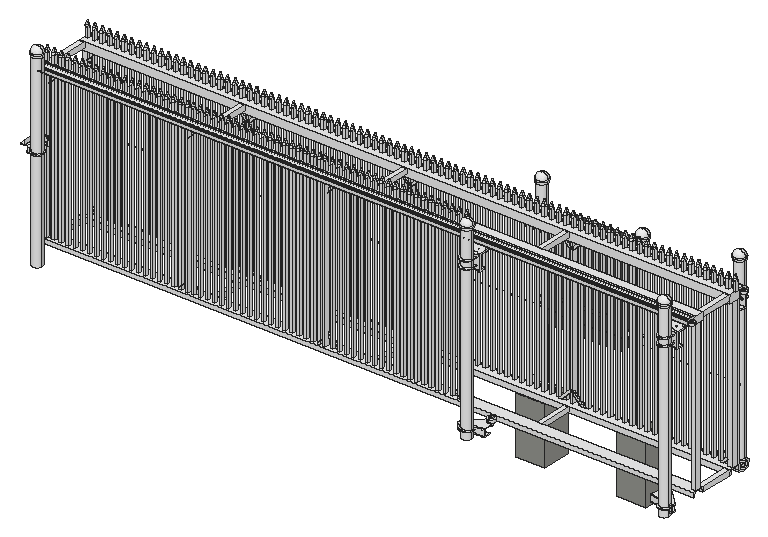
Revit family "Site-Fencing-Tymetal_Corp-Box_Frame_Cantilever_Slide_Gate-Ornamental-TYM-VS2-1", category Site, Revit 2015
Parameters (values of type "Three Phase")
  Watts = 745.7 W
  Voltage = 460 V
  URL = "http://www.tymetal.com/"
  Single Gate Clearances = if(Clear Opening < 12' 0", 12' 0", if(Clear Opening > 60' 0", 60' 0", Clear Opening))  # 15' - 0"
  Proposed Fence Location [instance] = yes
  Product data url = "https://bimobject.com/tymetal/product/tymetal-tym-vs2-1b"
  Product Page URL = "http://www.tymetal.com/industrial-commercial/gate-operator-systems/tym-vs2-1b/"
  Product Documentation Link = "http://www.tymetal.com/industrial-commercial/gate-operator-systems/tym-vs2-1b/"
  Power Factor = 0.8
  Post Spacing = (Single Gate Clearances / 2) - 0' 11"  # 6' - 7"
  Post Radius = Post Diameter / 2  # 0' - 2"
  Post Height = Gate Height Clearances + 0' 6"  # 6' - 6"
  Post Diameter = 0' - 4"  # constant formula
  Picket Top = yes
  Nominal Height = Gate Height Clearances + Picket Height  # 6' - 6"
  Front Picket Spacing = 0' - 3"
  Front Picket Panel Length = (Single Gate Clearances - (Front Picket Spacing + 0' 1")) / Front Picket Panel Count  # 4' - 10.66667"
  Front Picket Panel Count = Back Picket Panel Count - 1  # 3
  Picket Height = 0' - 6"  # constant formula
  Front Picket Count per Panel = Front Picket Panel Length / Front Picket Spacing  # 20
  Phase = 1
  Pad Note = "OPERATOR PAD DEPTH TO BE MINIMUM OF 24IN AND IN ACCORDANCE WITH ALL LOCAL CODES AND SOIL CONDITIONS."  # constant formula
  Pad Finish = Concrete - Tymetal - Cast-In-Place - Gray
  Operator Finish = Plastic - Tymetal - Polyethylene - Black
  Operator Documentation Link = "http://www.tymetal.com/wp-content/uploads/2013/05/TYM-VS2-Operator.pdf"
  Number of Poles = 3
  Notes = "Single Clear Opening up to 60' and Double Clear Openings up to 120'"  # constant formula
  Mount Clamp Extension from Gate = 0' - 2"
  Model = "Ornamental"  # constant formula
  Maximum Cycles = "Continuous Duty"  # constant formula
  Manufacturer = "Tymetal Corp."  # constant formula
  Load Classification = Power
  Length = Single Gate Clearances * 1.5  # 22' - 6"
  Height = 6' - 0"
  Hardware Finish = Metal - Tymetal - Aluminum
  Gate Weight (Max) = "2500 lbs"  # constant formula
  Gate Speed = "2 ft / sec"  # constant formula
  Gate Opening (Max) = "60 ft"  # constant formula
  Gate Height Clearances = if(Height < 6' 0", 6' 0", if(Height > 8' 0", 8' 0", Height))  # 6' - 0"
  Gate Documentation Link = "http://www.tymetal.com/wp-content/uploads/2013/05/Tymetal-Fortress-Box-Frame-Cantilever-Slide-Gate.pdf"
  Front Support Picket = Front Picket Panel Count - 1  # 2
  Frame Width = 0' - 2"
  Finish Note = "For additional powder coat color options, please contact Tymetal"  # constant formula
  Finish = Metal - Tymetal - Aluminum
  Fence Offset from Grade = 0' - 5"
  Drive Type = "#50 Chain"  # constant formula
  Description = "TYM-VS2-1B Operator on a Fortress Box Frame Cantilever Slide Gate with Ornamental Fencing"  # constant formula
  Counter Balance Length = Single Gate Clearances * 0.5  # 7' - 6"
  Connector Description = "Connection for Electrical Power"  # constant formula
  Clear Opening = 15' - 0"
  Catch Assembly Height above Grade = 3' - 6"
  Back Picket Spacing = 0' - 3"
  Back Picket Panel Length = (Length - 0' 1") / Back Picket Panel Count  # 5' - 7 1/4"
  Back Picket Panel Count = if(and(Clear Opening > 12' 0", Clear Opening < 17' 0"), 4, if(and(Clear Opening > 18' 0", Clear Opening < 23' 0"), 5, if(and(Clear Opening > 24' 0", Clear Opening < 29' 0"), 6, if(and(Clear Opening > 30' 0", Clear Opening < 35' 0"), 7, if(and(Clear Opening > 36' 0", Clear Opening < 41' 0"), 8, if(and(Clear Opening > 42' 0", Clear Opening < 47' 0"), 9, if(and(Clear Opening > 48' 0", Clear Opening < 53' 0"), 10, if(and(Clear Opening > 54' 0", Clear Opening < 60' 0"), 11, 6))))))))  # 4
  Bottom Guide Cover = no
  Between Posts = 2' - 11"  # constant formula
  Back Picket Count per Panel = Back Picket Panel Length / Back Picket Spacing  # 22
  Back Support Picket = Back Picket Panel Count - 1  # 3
  Assembly Code = "G2040100"
  Apparent Load Phase3 = Watts  # 745.7 VA
  Apparent Load Phase2 = Watts  # 745.7 VA
  Apparent Load Phase1 = Watts  # 745.7 VA
Reference planes (in)
  plane 1 "Center (Front/Back)": y = 0
  plane 2 "Bottom": z = 0
  plane 3 "Center (Left/Right)": x = 0
  plane 4 "Top": z = 72
  plane 5: z = 5
  plane 6: z = 78
  plane 7 "Center (Elevation)": z = 36
  plane 8 "Right End of Gate": x = 135
  plane 9 "End of Gate": x = -135
  plane 10: x = 47
  plane 11: x = 45
  plane 12: y = 17.5
  plane 13 "Catch Post Horizontal Center": y = -17.5
  plane 14 "Operator Post Horizontal Center": y = 19.5
  plane 15: y = -19.5
  plane 16 "Catch Post Center": x = -133
  plane 17: x = 129
  plane 18: z = 3.275
  plane 19: z = 63.8125
  plane 20: z = 42
  plane 21: y = -10.5
  plane 22: x = -134.49609
  plane 23: y = 10.5
  plane 24: x = -67.24609
  plane 25: x = -134
  plane 26: x = 67.25
  plane 27: x = 134
  plane 28: x = 134.5
  plane 29 "Front Panel Location": x = 39.75
  plane 30: x = -75.82943
  plane 31: x = -18.91667
Dimensions and locks (in)
  "Gate Height Clearances": plane 4 "Top" to plane 2 "Bottom"
  "Fence Offset from Grade": plane 5 to level
  equal spacing: plane 4 "Top", plane 7 "Center (Elevation)", plane 2 "Bottom"
  equal spacing: plane 9 "End of Gate", plane 3 "Center (Left/Right)", plane 8 "Right End of Gate"
  "Length": plane 9 "End of Gate" to plane 8 "Right End of Gate"
  equal spacing: plane 12, plane 1 "Center (Front/Back)", plane 13 "Catch Post Horizontal Center"
  "Between Posts": plane 12 to plane 13 "Catch Post Horizontal Center"
  "Post Radius": plane 15 to plane 13 "Catch Post Horizontal Center"
  "Post Radius": plane 14 "Operator Post Horizontal Center" to plane 12
  locked: plane 17 to plane 8 "Right End of Gate" at 6
  locked: plane 18 to level at 3.275
  locked: plane 4 "Top" to plane 19 at 8.1875
  "Catch Assembly Height above Grade": plane 20 to level
  locked: plane 21 to plane 15 at 9
  locked: plane 9 "End of Gate" to plane 22 at 0.50391
  locked: plane 23 to plane 1 "Center (Front/Back)" at 10.5
  "Single Gate Clearances": plane 9 "End of Gate" to plane 11
  locked: plane 9 "End of Gate" to plane 16 "Catch Post Center" at 2
  equal spacing: group 1, group 3, group 4, group 2  (x3)
  equal spacing: group 5, group 7, group 6  (x3)
  equal spacing: group 8, group 12, group 9  (x3)
  group 10 to group 11 = 4' - 8.91276"
  group 10 to group 11 = 0' - 0"  (x2)
  equal spacing: group 13, group 15, group 14  (x3)
  equal spacing: group 16, group 18, group 19, group 17  (x3)
  locked: plane 15 to nested 39 at 4
  equal spacing: group 20, group 22, group 21  (x3)
  "Picket Height": plane 6 to plane 4 "Top"
  "Back Picket Panel Length": plane 22 to plane 24
  "Front Picket Panel Length": plane 22 to plane 30
  locked: plane 22 to plane 25 at 0.49609
  "Front Picket Panel Length": plane 31 to plane 29 "Front Panel Location"
  "Back Picket Panel Length": plane 26 to plane 28
  plane 10 to plane 17 = 6' - 10"
  locked: plane 27 to plane 8 "Right End of Gate" at 1
  equal spacing: plane 27, plane 28, plane 8 "Right End of Gate"
  locked: plane 29 "Front Panel Location" to plane 10 at 7.25
  locked: plane 11 to plane 10 at 2
  aligned and locked: plane 10 to nested 1
  aligned and locked: nested 1 to plane 15
  aligned and locked: nested 2 to plane 15
  aligned and locked: plane 17 to nested 2
  aligned and locked: nested 3 to plane 14 "Operator Post Horizontal Center"
  aligned and locked: plane 17 to nested 3
  aligned and locked: nested 2 to level  (x2)
  aligned and locked: nested 1 to level
  aligned and locked: plane 14 "Operator Post Horizontal Center" to nested 7
  aligned and locked: nested 7 to plane 10
  aligned and locked: plane 10 to nested 5
  aligned and locked: plane 15 to nested 5
  aligned and locked: nested 4 to plane 15
  aligned and locked: plane 17 to nested 4
  aligned and locked: nested 6 to plane 17
  aligned and locked: nested 6 to plane 14 "Operator Post Horizontal Center"
  aligned and locked: nested 5 to plane 18
  aligned and locked: plane 18 to nested 7
  aligned and locked: plane 18 to nested 4
  aligned and locked: nested 6 to plane 18
  aligned and locked: nested 10 to plane 10
  aligned and locked: plane 14 "Operator Post Horizontal Center" to nested 10
  aligned and locked: nested 11 to plane 14 "Operator Post Horizontal Center"
  aligned and locked: nested 11 to plane 17
  aligned and locked: plane 10 to nested 8
  aligned and locked: nested 8 to plane 15
  aligned and locked: nested 9 to plane 15
  aligned and locked: plane 17 to nested 9
  aligned and locked: nested 8 to plane 19
  aligned and locked: nested 10 to plane 19
  aligned and locked: nested 9 to plane 19
  aligned and locked: nested 11 to plane 19
  aligned and locked: nested 12 to plane 21
  aligned and locked: nested 13 to level
  aligned and locked: plane 1 "Center (Front/Back)" to nested 13
  aligned and locked: nested 14 to plane 14 "Operator Post Horizontal Center"
  aligned and locked: plane 10 to nested 14
  aligned and locked: level to nested 14
  aligned and locked: nested 13 to plane 3 "Center (Left/Right)"
  aligned and locked: plane 23 to nested 15
  aligned and locked: nested 15 to plane 28
  aligned and locked: nested 15 to plane 5
  aligned and locked: nested 12 to plane 22
  aligned and locked: nested 13 to plane 9 "End of Gate"
  aligned and locked: nested 13 to plane 8 "Right End of Gate"
  aligned and locked: plane 16 "Catch Post Center" to nested 16
  aligned and locked: plane 13 "Catch Post Horizontal Center" to nested 16
  aligned and locked: nested 17 to plane 16 "Catch Post Center"
  aligned and locked: nested 17 to plane 13 "Catch Post Horizontal Center"
  aligned and locked: plane 20 to nested 17
  aligned and locked: nested 16 to level
  aligned and locked: plane 23 to nested 19
  aligned and locked: nested 18 to plane 21
  aligned and locked: nested 22 to plane 22
  aligned and locked: nested 23 to plane 22
  aligned and locked: nested 23 to nested 13
  aligned and locked: nested 22 to nested 13
  aligned and locked: plane 28 to nested 24
  aligned and locked: nested 24 to nested 13
  aligned and locked: nested 27 to plane 29 "Front Panel Location"
  aligned and locked: nested 27 to nested 13
  aligned and locked: plane 24 to nested 19
  aligned and locked: plane 30 to nested 18
  aligned and locked: nested 29 to plane 26
  aligned and locked: nested 13 to nested 29
  aligned and locked: nested 13 to nested 19
  aligned and locked: plane 31 to nested 30
  aligned and locked: nested 13 to nested 30
  aligned and locked: nested 13 to nested 18
  aligned and locked: nested 30 to plane 21
  aligned and locked: plane 23 to nested 29
  aligned and locked: nested 20 to plane 23
  aligned and locked: plane 21 to nested 21
  aligned and locked: nested 21 to plane 22
  aligned and locked: plane 23 to nested 32
  aligned and locked: plane 29 "Front Panel Location" to nested 33
  aligned and locked: nested 33 to plane 21
  aligned and locked: nested 13 to nested 33
  aligned and locked: nested 32 to nested 13
  aligned and locked: nested 36 to nested 13  (x2)
  aligned and locked: nested 34 to nested 13
  aligned and locked: nested 13 to nested 36  (x3)
  aligned and locked: level to nested 21
  aligned and locked: level to nested 23
  aligned and locked: level to nested 22
  aligned and locked: level to nested 20
  aligned and locked: level to nested 24
  aligned and locked: level to nested 36
  aligned and locked: level to nested 34
  aligned and locked: level to nested 27
  aligned and locked: plane 28 to nested 36
  aligned and locked: nested 13 to nested 34
  aligned and locked: plane 21 to nested 34
  aligned and locked: nested 36 to plane 23
  aligned and locked: nested 34 to plane 29 "Front Panel Location"
  aligned and locked: nested 20 to plane 22
  aligned and locked: plane 10 to nested 39
  aligned and locked: plane 24 to nested 40
  aligned and locked: plane 1 "Center (Front/Back)" to nested 40
  aligned and locked: level to nested 40
  aligned and locked: level to nested 41
  aligned and locked: plane 1 "Center (Front/Back)" to nested 41
  aligned and locked: nested 41 to plane 26
Nested families (in)
  nested 1: "Fence - Post" at (47, -19.5, 0), type "Fence - Post"
    with Post Height 6' - 6"
  nested 2: "Fence - Post" at (129, -19.5, 0), type "Fence - Post"
    with Post Height 6' - 6"
  nested 3: "Fence - Post" at (129, 19.5, 0), type "Fence - Post"
    with Post Height 6' - 6"
  nested 4: "Fence - Box Bottom Guide" at (129, -19.5, 3.275), type "Fence - Box Bottom Guide"
    with Guide Cover no
  nested 5: "Fence - Box Bottom Guide" at (47, -19.5, 3.275) x (-1, 0, 0) z (0, 0, 1), type "Fence - Box Bottom Guide"
    with Guide Cover no
  nested 6: "Fence - Box Bottom Guide" at (129, 19.5, 3.275), type "Fence - Box Bottom Guide"
    with Guide Cover no
  nested 7: "Fence - Box Bottom Guide" at (47, 19.5, 3.275) x (-1, 0, 0) z (0, 0, 1), type "Fence - Box Bottom Guide"
    with Guide Cover no
  nested 8: "Fence - Box Hanger with Track" at (47, -19.5, 65.3125), type "Fence - Box Hanger with Track"
  nested 9: "Fence - Box Hanger with Track" at (129, -19.5, 65.3125), type "Fence - Box Hanger with Track"
  nested 10: "Fence - Box Hanger with Track" at (47, 19.5, 65.3125) x (-1, 0, 0) z (0, 0, 1), type "Fence - Box Hanger with Track"
  nested 11: "Fence - Box Hanger with Track" at (129, 19.5, 65.3125) x (-1, 0, 0) z (0, 0, 1), type "Fence - Box Hanger with Track"
  nested 12: "Fence - Picket at Cross" at (-134.49609, -10.5, 0), type "Fence - Picket at Cross"
  nested 13: "Fence - Box Frame" at (-86, 0, 0), type "Fence - Box Frame"
    with Frame Length 22' - 6", Barb Posts 3, Frame Height 6' - 0", Drive Chain Height 2' - 6 1/4", Barb Arms and Wires no
  nested 14: "Site-Fencing-Tymetal_Corp-Gate_Operator-TYM-VS2-1" at (47, 19.5, 0), type "TYM VS2-1"
    with Post Height 6' - 6"
  nested 15: "Fence - Picket at Cross" at (134.5, 10.5, 0), type "Fence - Picket at Cross"
  nested 16: "Fence - Post" at (-133, -17.5, 0), type "Fence - Post"
    with Post Height 6' - 6"
  nested 17: "Fence - Catch Assembly" at (-133, -17.5, 42) x (-1, 0, 0) z (0, 0, 1), type "Fence - Catch Assembly"
    with Catch Location 0' - 1"
  nested 18: "Fence - Picket at Cross" at (-75.82943, -10.5, 0), type "Fence - Picket at Cross"
  nested 19: "Fence - Picket at Cross" at (-67.24609, 10.5, 0), type "Fence - Picket at Cross"
  nested 20: "Fence - Picket Panel" at (-97.99609, 11.5, 0), type "Back Picket Panel"
    with Lower Cross Picket yes, Picket Spacing 0' - 3", Picket Space Calc 0' - 3", Picket Panel Count Calc 4, Picket Count Calc 21, Picket Count 22, Picket Panel Length 5' - 7 1/4"
  nested 21: "Fence - Picket Panel" at (-97.99609, -9.5, 0), type "Front Picket Panel"
    with Lower Cross Picket yes, Picket Spacing 0' - 3", Picket Space Calc 0' - 3", Picket Panel Count Calc 3, Picket Count Calc 19, Picket Count 20, Picket Panel Length 4' - 10.66667"
  nested 22: "Fence - Ornamental Cross Brace" at (-97.99609, 10, 0), type "Back Panel"
    with Nominal Gate Height 6' - 6", Panel Length 5' - 7 1/4"
  nested 23: "Fence - Ornamental Cross Brace" at (-97.99609, -9.5, 0), type "Front Panel"
    with Nominal Gate Height 6' - 6", Panel Length 4' - 10.66667"
  nested 24: "Fence - Ornamental Cross Brace" at (103.75, 10, 0), type "Back Panel"
    with Nominal Gate Height 6' - 6", Panel Length 5' - 7 1/4"
  nested 25: "Fence - Ornamental Cross Brace" at (-30.7474, 10, 0), type "Back Panel"
    with Nominal Gate Height 6' - 6", Panel Length 5' - 7 1/4"
  nested 26: "Fence - Ornamental Cross Brace" at (36.5013, 10, 0), type "Back Panel"
    with Nominal Gate Height 6' - 6", Panel Length 5' - 7 1/4"
  nested 27: "Fence - Ornamental Cross Brace" at (17.58333, -9.5, 0), type "Front Panel"
    with Nominal Gate Height 6' - 6", Panel Length 4' - 10.66667"
  nested 28: "Fence - Ornamental Cross Brace" at (-40.20638, -9.5, 0), type "Front Panel"
    with Nominal Gate Height 6' - 6", Panel Length 4' - 10.66667"
  nested 29: "Fence - Picket at Cross" at (67.25, 10.5, 0), type "Fence - Picket at Cross"
  nested 30: "Fence - Picket at Cross" at (-18.91667, -10.5, 0), type "Fence - Picket at Cross"
  nested 31: "Fence - Picket at Cross" at (0.00195, 10.5, 0), type "Fence - Picket at Cross"
  nested 32: "Fence - Picket at Cross" at (-134.49609, 10.5, 0), type "Fence - Picket at Cross"
  nested 33: "Fence - Picket at Cross" at (39.75, -10.5, 0), type "Fence - Picket at Cross"
  nested 34: "Fence - Picket Panel" at (17.58333, -9.5, 0), type "Front Picket Panel"
    with Lower Cross Picket yes, Picket Spacing 0' - 3", Picket Space Calc 0' - 3", Picket Panel Count Calc 3, Picket Count Calc 19, Picket Count 20, Picket Panel Length 4' - 10.66667"
  nested 35: "Fence - Picket Panel" at (-40.20638, -9.5, 0), type "Front Picket Panel"
    with Lower Cross Picket yes, Picket Spacing 0' - 3", Picket Space Calc 0' - 3", Picket Panel Count Calc 3, Picket Count Calc 19, Picket Count 20, Picket Panel Length 4' - 10.66667"
  nested 36: "Fence - Picket Panel" at (103.75, 11.5, 0), type "Back Picket Panel"
    with Lower Cross Picket yes, Picket Spacing 0' - 3", Picket Space Calc 0' - 3", Picket Panel Count Calc 4, Picket Count Calc 21, Picket Count 22, Picket Panel Length 5' - 7 1/4"
  nested 37: "Fence - Picket Panel" at (-30.7474, 11.5, 0), type "Back Picket Panel"
    with Lower Cross Picket yes, Picket Spacing 0' - 3", Picket Space Calc 0' - 3", Picket Panel Count Calc 4, Picket Count Calc 21, Picket Count 22, Picket Panel Length 5' - 7 1/4"
  nested 38: "Fence - Picket Panel" at (36.5013, 11.5, 0), type "Back Picket Panel"
    with Lower Cross Picket yes, Picket Spacing 0' - 3", Picket Space Calc 0' - 3", Picket Panel Count Calc 4, Picket Count Calc 21, Picket Count 22, Picket Panel Length 5' - 7 1/4"
  nested 39: "Fence" at (98.5, -23.5, 0), type "Fence"
  nested 40: "Fence - Box Frame-Supports" at (-153.24609, 0, 0), type "Fence - Box Frame-Supports"
  nested 41: "Fence - Box Frame-Supports" at (-18.75, 0, 0), type "Fence - Box Frame-Supports"
  nested 42: "Fence - Box Frame-Supports" at (-85.99805, 0, 0), type "Fence - Box Frame-Supports"
Connectors (in)
  electrical at (67.8593, 21.3709, 29), driven by "Number of Poles", driven by "Voltage", driven by "Apparent Load Phase1", driven by "Apparent Load Phase2", driven by "Apparent Load Phase3", driven by "Power Factor", driven by "Connector Description", driven by "Load Classification"
    settings: on nested 14, index 1, voltage 460 V, apparent load 0 VA, apparent load phase1 745.7 VA, apparent load phase2 745.7 VA, apparent load phase3 745.7 VA, power factor 0.8, load classification "Power", number of poles 3, system type 31, power factor state 1, is connector primary yes, connector utility no, sub classification motor no, connector description "Connection for Electrical Power"
Definition of nested family "Fence - Post"
  Parameters
    Post Radius = Post Diameter / 2  # 0' - 2"
    Post Material = none
    Post Height = 5' - 11 1/2"
    Post Diameter = 0' - 4"
    Cap Radius = Post Radius + 0' 0 1/4"  # 0' - 2 1/4"
  Reference planes (in)
    plane 1 "Center (Front/Back)": y = 0
    plane 2: z = 0
    plane 3 "Center (Left/Right)": x = 0
    plane 4: z = 75
    plane 5 "Post Right": x = 2
    plane 6 "Post Left": x = -2
    plane 7 "Post Front": y = 2
    plane 8 "Post Back": y = -2
    plane 9: z = 71.5
    plane 10: x = -2.25
    plane 11: x = -2.49863
    plane 12: z = 75
  Forms (in)
    Revolve 1, solid, material <- "Post Material", detail levels coarse
      sketch origin (0, 0, 0) x (1, 0, 0) y (0, 0, 1)
        loop
          line (-2, 0) -> (0, 0) -> (0, 75) -> (-2, 75) -> (-2, 0)
        axis (0, 75) -> (0, 0)
      angle from 0 to 360
    Revolve 2, solid, material <- "Post Material", detail levels medium+fine
      sketch origin (0, 0, 2.5) x (1, 0, 0) y (0, 0, 1)
        loop
          line (-2, -2.5) -> (0, -2.5) -> (0, 72.5)
          arc (0, 72.5) -> (-1.59099, 71.84099) -> (-2.25, 70.25) r 2.25
          line (-2.25, 70.25) -> (-2.49863, 70.25) -> (-2.49863, 70) -> (-2.25, 70) -> (-2.25, 69) -> (-2, 69) -> (-2, -2.5)
        axis (0, 72.5) -> (0, -2.5)
      angle from 0 to 360
  Lines and regions (in)
    Masking region 1
      outline origin (0, 0, 0) x (1, 0, 0) y (0, 1, 0)
        loop
          circle (0, 0) r 2
  Dimensions and locks (in)
    "Post Height": plane 9 to plane 2
    "Post Radius": plane 3 "Center (Left/Right)" to Revolve 1 sketch curve
    equal spacing: plane 6 "Post Left", plane 3 "Center (Left/Right)", plane 5 "Post Right"
    "Post Diameter": plane 6 "Post Left" to plane 5 "Post Right"
    "Post Diameter": plane 8 "Post Back" to plane 7 "Post Front"
    equal spacing: plane 8 "Post Back", plane 1 "Center (Front/Back)", plane 7 "Post Front"
    Revolve 2 sketch curve to Revolve 2 sketch curve to Revolve 2 sketch curve = 0' - 0 1/4" locked, 0' - 1" locked
    plane 11 to plane 10 to plane 6 "Post Left" = 0' - 0.24863" locked, 0' - 0 1/4" locked
    "Post Radius": radius of Masking region 1 sketch curve
    aligned and locked: Revolve 1 sketch curve to plane 3 "Center (Left/Right)"  (x2)
    aligned and locked: Revolve 1 sketch curve to level
    aligned and locked: Revolve 2 sketch curve to plane 3 "Center (Left/Right)"  (x2)
    aligned and locked: Revolve 2 sketch curve to level
    aligned and locked: plane 3 "Center (Left/Right)" to Masking region 1 sketch curve
    aligned and locked: plane 1 "Center (Front/Back)" to Masking region 1 sketch curve
    aligned and locked: plane 9 to Revolve 2
    aligned and locked: plane 9 to Revolve 2 sketch curve
    aligned and locked: plane 6 "Post Left" to Revolve 2 sketch curve
    aligned and locked: Revolve 2 sketch curve to plane 10
    aligned and locked: plane 11 to Revolve 2 sketch curve
    aligned and locked: plane 10 to Revolve 2 sketch curve
    aligned and locked: plane 12 to plane 4
    aligned and locked: plane 12 to Revolve 2 sketch curve
  Automatic sketch dimensions
    Revolve 2 sketch curve to Revolve 2 sketch curve = 2' - 0 1/2"
    plane 4 to Revolve 2 sketch curve = 3' - 9.60702"
    Revolve 1 sketch curve to plane 4 = 0' - 0"
    Revolve 1 sketch curve to Revolve 1 sketch curve = 2' - 0"
    Revolve 1 sketch curve to Revolve 1 sketch curve = 3' - 10.10599"
Definition of nested family "Fence - Box Bottom Guide"
  Parameters
    Post Radius = Post Diameter / 2  # 0' - 2"
    Post Diameter = 0' - 4"
    Post Attachment Extension = 0' - 2"
    Outside Guide Location = 0' - 10 3/4"
    OG Calculation = if(Outside Guide Location < 0' 6 15/16", 0' 6 15/16", if(Outside Guide Location > 0' 10 3/4", 0' 10 3/4", Outside Guide Location))  # 0' - 10 3/4"
    Inside Guide Location = 0' - 1 11/16"
    IG Calculation = if(Inside Guide Location < 0' 1 11/16", 0' 1 11/16", if(Inside Guide Location > 0' 3 1/4", 0' 3 1/4", Inside Guide Location))  # 0' - 1 11/16"
    Guide Cover = yes
    Bottom Guide Material = none
  Reference planes (in)
    plane 1 "Center (Front/Back)": y = 0
    plane 2: z = 0
    plane 3 "Center (Left/Right)": x = 0
    plane 4: z = 1.5
    plane 5: z = -1.5
    plane 6: y = 7.5
  Forms (in)
    Extrusion 1, solid, material <- "Bottom Guide Material"
      sketch origin (0.008, 0.04498, 0) x (0.139173, 0.990268, 0) y (0, 0, 1)
        loop
          line (6.23383, 1.3736) -> (0.30429, 1.3736)
          arc (0.30429, 1.3736) -> (0.11466, 1.29505) -> (0.03611, 1.10542) r 0.26818
          line (0.03611, 1.10542) -> (0.03611, -1.308)
          arc (0.03611, -1.308) -> (0.11783, -1.50529) -> (0.31511, -1.587) r 0.279
          line (0.31511, -1.587) -> (3.04427, -1.587) -> (3.04427, -1.337) -> (0.27641, -1.337) -> (0.27641, 1.12219) -> (6.23383, 1.12219) -> (6.23383, 1.3736)
      from -6.72252 to 3.32001
    Extrusion 2, void
      sketch origin (0.008, 0.04498, 0) x (0.990268, -0.139173, 0) y (0.139173, 0.990268, 0)
        loop
          line (-4.40584, 6.95107) -> (3.71999, 1.2613) -> (3.71999, 6.95107) -> (-4.40584, 6.95107)
        loop
          circle (0, 0) r 2
      from -1.587 to 1.78897
  Cuts and joins
    Extrusion 2 cuts Extrusion 1
  Lines and regions (in)
    Masking region 1
      outline origin (-0.03883, -0.27629, 0) x (1, 0, 0) y (0, 1, 0)
        loop
          line (-2.40954, 6.94206) -> (-5.74538, 7.41088) -> (-6.60793, 1.27347) -> (-1.9313, 0.61622)
          arc (-1.9313, 0.61622) -> (0.32518, 2.3018) -> (2.02963, 0.05954) r 2
          line (2.02963, 0.05954) -> (3.33686, -0.12418) -> (3.54905, 1.38559) -> (-2.40954, 6.94206)
  Dimensions and locks (in)
    equal spacing: plane 4, level, plane 5
    plane 4 to plane 5 = 0' - 3"
    Extrusion 1 sketch curve to Extrusion 1 sketch curve to Extrusion 1 sketch curve to level to Extrusion 1 sketch curve to Extrusion 1 sketch curve to Extrusion 1 sketch curve = 0' - 0.25141" locked, 0' - 0.01677" locked, 0' - 1.10542" locked, 0' - 1.308" locked, 0' - 0.029" locked, 0' - 0 1/4" locked
    Extrusion 1 sketch curve to Extrusion 1 sketch curve to Extrusion 1 sketch curve to Extrusion 1 sketch curve to Extrusion 1 sketch curve to Extrusion 1 sketch curve = 0' - 3.18957" locked, 0' - 2.72915" locked, 0' - 0.01082" locked, 0' - 0.02788" locked, 0' - 0.2403" locked
    locked: plane 1 "Center (Front/Back)" to plane 6 at 7.5
    aligned and locked: plane 3 "Center (Left/Right)" to nested 2
    aligned and locked: level to nested 2
    aligned and locked: Extrusion 2 to nested 1
    aligned and locked: Extrusion 2 to Extrusion 1
  Automatic sketch dimensions
    Extrusion 2 sketch curve to plane 1 "Center (Front/Back)" = 0' - 7.54158"
    Extrusion 2 sketch curve to Extrusion 2 sketch curve = 0' - 4.40584"
    Extrusion 2 sketch curve to Extrusion 2 sketch curve = 0' - 3.71999"
    Extrusion 2 sketch curve to Extrusion 2 sketch curve = 0' - 5.68977"
    Extrusion 2 sketch curve to Extrusion 2 sketch curve = 0' - 1.2613"
    Extrusion 2 sketch curve to plane 3 "Center (Left/Right)" = 0' - 3.38756"
    Masking region 1 sketch curve to plane 1 "Center (Front/Back)" = 0' - 0.99718"
    Masking region 1 sketch curve to plane 3 "Center (Left/Right)" = 0' - 6.64676"
    Masking region 1 sketch curve to plane 3 "Center (Left/Right)" = 0' - 5.78421"
    Masking region 1 sketch curve to plane 3 "Center (Left/Right)" = 0' - 2.44837"
    Masking region 1 sketch curve to plane 1 "Center (Front/Back)" = 0' - 0.33993"
    Masking region 1 sketch curve to plane 3 "Center (Left/Right)" = 0' - 1.97013"
    Masking region 1 sketch curve to plane 1 "Center (Front/Back)" = 0' - 1.1093"
    Masking region 1 sketch curve to Masking region 1 sketch curve = 0' - 0.21218"
    plane 1 "Center (Front/Back)" to Masking region 1 sketch curve = 0' - 0.40047"
    plane 3 "Center (Left/Right)" to Masking region 1 sketch curve = 0' - 0.008"
    plane 1 "Center (Front/Back)" to Masking region 1 sketch curve = 0' - 0.21675"
    Masking region 1 sketch curve to plane 1 "Center (Front/Back)" = 0' - 0.04498"
    radius of Extrusion 2 sketch curve = 0' - 2"
  Nested families (in)
    nested 1: "Fence - Bottom Wheel" at (-5.35693, 5.99942, 2.53897) x (-1, 0, 0) z (0, 0, 1), type "Fence - Bottom Wheel"
    nested 2: "Fence - Post Bracket" at (0, 0, 0), type "Fence - Post Bracket"
      with Extension Length 0' - 2"
  Definition of nested family "Fence - Bottom Wheel"
    Parameters
      Guide Cover = yes
      Bottom Guide Material = none
    Reference planes (in)
      plane 1 "Center (Front/Back)": y = 0
      plane 2: z = 0
      plane 3 "Center (Left/Right)": x = 0
      plane 4: z = 1.5
      plane 5: z = -1.5
      plane 6: y = -1.51035
      plane 7: y = 1.51035
    Forms (in)
      Revolve 1, solid, material <- "Bottom Guide Material", detail levels medium+fine
        sketch origin (0, -12.31413, 0) x (0, 1, 0) y (0, 0, 1)
          loop
            arc (10.80379, -0.5) -> (10.87701, -0.67678) -> (11.05379, -0.75) r 0.25
            line (11.05379, -0.75) -> (11.55379, -0.75) -> (11.55379, -0.6875) -> (11.67879, -0.6875) -> (11.67879, -0.875) -> (11.88112, -0.875) -> (11.88112, -1.125) -> (12.21022, -1.125) -> (12.21022, -1.5) -> (11.67879, -1.5) -> (11.67879, -1.625) -> (11.88112, -1.625) -> (11.88112, -2.125) -> (12.31413, -2.125) -> (12.31413, 1.25) -> (11.88112, 1.25) -> (11.88112, 0.875) -> (11.67879, 0.875) -> (11.67879, 0.6875) -> (11.55379, 0.6875) -> (11.55379, 0.75) -> (11.05379, 0.75)
            arc (11.05379, 0.75) -> (10.87701, 0.67678) -> (10.80379, 0.5) r 0.25
            line (10.80379, 0.5) -> (10.80379, -0.5)
          axis (12.31413, -2.125) -> (12.31413, 1.25)
        angle from 0 to 360
      Revolve 2, solid, material <- "Bottom Guide Material", detail levels coarse
        sketch origin (0, -12.31413, 0) x (0, 1, 0) y (0, 0, 1)
          loop
            line (10.80379, -0.75) -> (11.88112, -0.75) -> (11.88112, -1.125) -> (12.21022, -1.125) -> (12.21022, -1.5) -> (11.67879, -1.5) -> (11.67879, -2.125) -> (12.31413, -2.125) -> (12.31413, 1.25) -> (11.88112, 1.25) -> (11.88112, 0.75) -> (10.80379, 0.75) -> (10.80379, -0.75)
          axis (12.31413, -2.125) -> (12.31413, 1.25)
        angle from 0 to 360
      Sweep 3, solid, material <- "Bottom Guide Material", visible <- "Guide Cover", detail levels medium+fine
        path origin (0, -12.31413, 0) x (1, 0, 0) y (0, 1, 0)
          loop
            line (-1.87363, 11.06413) -> (-1.87363, 12.31413)
            arc (-1.87363, 12.31413) -> (0, 14.18776) -> (1.87363, 12.31413) r 1.87363
            line (1.87363, 12.31413) -> (1.87363, 11.06413)
        profile origin (0, 1.87363, 0) x (0, 1, 0) y (0, 0, 1)
          loop
            line (-0.0625, -1.0625) -> (0, -1.0625) -> (0, 0.9375)
            arc (0, 0.9375) -> (-0.07322, 1.11428) -> (-0.25, 1.1875) r 0.25
            line (-0.25, 1.1875) -> (-0.36328, 1.1875) -> (-0.36328, 1.125) -> (-0.25, 1.125)
            arc (-0.25, 1.125) -> (-0.11742, 1.07008) -> (-0.0625, 0.9375) r 0.1875
            line (-0.0625, 0.9375) -> (-0.0625, -1.0625)
      Extrusion 4, solid, material <- "Bottom Guide Material", visible <- "Guide Cover", detail levels medium+fine
        sketch origin (0, -12.31413, 0) x (1, 0, 0) y (0, 1, 0)
          loop
            line (-1.51035, 11.06413) -> (1.51035, 11.06413) -> (1.51035, 12.31413)
            arc (1.51035, 12.31413) -> (0, 13.82448) -> (-1.51035, 12.31413) r 1.51035
            line (-1.51035, 12.31413) -> (-1.51035, 11.06413)
        from 1.125 to 1.1875
    Cuts and joins
      joined: Sweep 3, Extrusion 4
    Lines and regions (in)
      Masking region 1, visible <- "Guide Cover", detail levels medium+fine
        outline origin (0, 0, 0) x (1, 0, 0) y (0, 1, 0)
          loop
            line (-1.87363, 0) -> (-1.87363, -1.25) -> (1.87363, -1.25) -> (1.87363, 0)
            arc (1.87363, 0) -> (0, 1.87363) -> (-1.87363, 0) r 1.87363
      Masking region 2
        outline origin (0, 0, 0) x (1, 0, 0) y (0, 1, 0)
          loop
            circle (0, 0) r 1.51035
      Masking region 3, detail levels fine
        outline origin (0, 0, 0) x (1, 0, 0) y (0, 1, 0)
          loop
            circle (0, 0) r 0.76035
          loop
            circle (0, 0) r 0.63535
          loop
            circle (0, 0) r 0.43301
          loop
            circle (0, 0) r 0.10391
    Dimensions and locks (in)
      equal spacing: plane 4, level, plane 5
      plane 4 to plane 5 = 0' - 3"
      aligned and locked: Sweep 3 to Extrusion 4
      aligned and locked: Extrusion 4 to Sweep 3
    Automatic sketch dimensions
      Revolve 1 sketch curve to plane 6 = 0' - 0"
      Revolve 1 sketch curve to plane 5 = 0' - 0"
      Revolve 1 sketch curve to plane 1 "Center (Front/Back)" = 0' - 0"  (x2)
      Revolve 1 sketch curve to Revolve 1 sketch curve = 0' - 0 1/4"  (x3)
      Revolve 1 sketch curve to Revolve 1 sketch curve = 0' - 0 1/2"  (x3)
      Revolve 1 sketch curve to Revolve 1 sketch curve = 0' - 0 1/8"  (x4)
      plane 1 "Center (Front/Back)" to Revolve 1 sketch curve = 0' - 0.63535"
      Revolve 1 sketch curve to Revolve 1 sketch curve = 0' - 0.20233"  (x3)
      plane 1 "Center (Front/Back)" to Revolve 1 sketch curve = 0' - 0.10391"
      Revolve 1 sketch curve to plane 5 = 0' - 0 1/8"
      plane 5 to Revolve 1 sketch curve = 0' - 0 3/8"
      Revolve 1 sketch curve to Revolve 1 sketch curve = 0' - 0 1/16"  (x2)
      level to Revolve 1 sketch curve = 0' - 0 1/2"
      Revolve 1 sketch curve to plane 4 = 0' - 0 1/4"
      Revolve 1 sketch curve to Revolve 1 sketch curve = 0' - 9 7/8"
      plane 4 to Revolve 1 sketch curve = 7' - 10 1/2"
      Revolve 2 sketch curve to plane 6 = 0' - 0"
      Revolve 2 sketch curve to plane 5 = 0' - 0"
      Revolve 2 sketch curve to plane 1 "Center (Front/Back)" = 0' - 0"  (x2)
      Revolve 2 sketch curve to Revolve 2 sketch curve = 0' - 0.63535"
      Revolve 2 sketch curve to Revolve 2 sketch curve = 0' - 0.43301"
      plane 1 "Center (Front/Back)" to Revolve 2 sketch curve = 0' - 0.43301"
      plane 1 "Center (Front/Back)" to Revolve 2 sketch curve = 0' - 0.10391"
      Revolve 2 sketch curve to plane 5 = 0' - 0 5/8"
      plane 5 to Revolve 2 sketch curve = 0' - 0 3/8"
      Revolve 2 sketch curve to Revolve 2 sketch curve = 0' - 0 3/8"
      level to Revolve 2 sketch curve = 0' - 0 3/4"
      Revolve 2 sketch curve to plane 4 = 0' - 0 1/4"
      Revolve 2 sketch curve to Revolve 2 sketch curve = 0' - 9 7/8"
      plane 4 to Revolve 2 sketch curve = 7' - 10 1/2"
      plane 1 "Center (Front/Back)" to Sweep 3 sketch curve = 0' - 0"
      Sweep 3 sketch curve to plane 3 "Center (Left/Right)" = 0' - 0"
      Sweep 3 sketch curve to Sweep 3 sketch curve = 0' - 1.87363"
      plane 6 to Sweep 3 sketch curve = 0' - 0.26035"  (x2)
      Sweep 3 sketch curve to Sweep 3 sketch curve = 0' - 0"  (x2)
      Sweep 3 sketch curve to profile plane = 0' - 0"
      profile plane to Sweep 3 sketch curve = 0' - 0 1/16"
      Sweep 3 sketch curve to Sweep 3 sketch curve = 0' - 0 3/16"
      Sweep 3 sketch curve to Sweep 3 sketch curve = 0' - 0 29/256"
      Sweep 3 sketch curve to profile plane = 0' - 1 1/16"
      profile plane to Sweep 3 sketch curve = 0' - 0 15/16"
      plane 1 "Center (Front/Back)" to Extrusion 4 sketch curve = 0' - 0"
      Extrusion 4 sketch curve to plane 3 "Center (Left/Right)" = 0' - 0"
      plane 6 to Extrusion 4 sketch curve = 0' - 0.26035"
      Extrusion 4 sketch curve to plane 3 "Center (Left/Right)" = 0' - 1.51035"
      plane 1 "Center (Front/Back)" to Masking region 1 sketch curve = 0' - 0"
      Masking region 1 sketch curve to plane 3 "Center (Left/Right)" = 0' - 0"
      Masking region 1 sketch curve to Masking region 1 sketch curve = 0' - 1.87363"
      plane 6 to Masking region 1 sketch curve = 0' - 0.26035"
      Masking region 2 sketch curve to Masking region 2 sketch curve = 0' - 0"  (x2)
      Masking region 2 sketch curve to plane 3 "Center (Left/Right)" = 0' - 0"
      Masking region 2 sketch curve to plane 6 = 0' - 0"
      plane 1 "Center (Front/Back)" to Masking region 2 sketch curve = 0' - 0"
      Masking region 3 sketch curve to Masking region 3 sketch curve = 0' - 0"  (x6)
      plane 1 "Center (Front/Back)" to Masking region 3 sketch curve = 0' - 0"
      Masking region 3 sketch curve to plane 3 "Center (Left/Right)" = 0' - 0"
      Masking region 3 sketch curve to Masking region 3 sketch curve = 0' - 0.63535"
      Masking region 3 sketch curve to Masking region 3 sketch curve = 0' - 0 1/8"
      Masking region 3 sketch curve to Masking region 3 sketch curve = 0' - 0.20233"
      Masking region 3 sketch curve to Masking region 3 sketch curve = 0' - 0.10391"
  Definition of nested family "Fence - Post Bracket"
    Parameters
      Extension Length = 0' - 3"
      Bottom Guide Material = none
    Reference planes (in)
      plane 1 "Center (Front/Back)": y = 0
      plane 2: z = 0
      plane 3 "Center (Left/Right)": x = 0
    Forms (in)
      Sweep 1, solid, material <- "Bottom Guide Material", detail levels medium+fine
        path origin (0, 0, 0) x (1, 0, 0) y (0, 1, 0)
          loop
            line (-2.5, 3) -> (-2.5, 0)
            arc (-2.5, 0) -> (0, -2.5) -> (2.5, 0) r 2.5
            line (2.5, 0) -> (2.5, 3)
        profile origin (0, -2.5, 0) x (0, 1, 0) y (0, 0, 1)
          loop
            circle (0.25, 0) r 0.25
    Lines and regions (in)
      Masking region 1, detail levels medium+fine
        outline origin (0, 0, 0) x (1, 0, 0) y (0, 1, 0)
          loop
            line (-2.5, 3) -> (-2.5, 0)
            arc (-2.5, 0) -> (0, -2.5) -> (2.5, 0) r 2.5
            line (2.5, 0) -> (2.5, 3) -> (2, 3) -> (2, 0)
            arc (2, 0) -> (0, -2) -> (-2, 0) r 2
            line (-2, 0) -> (-2, 3) -> (-2.5, 3)
    Dimensions and locks (in)
      "Extension Length": plane 1 "Center (Front/Back)" to Sweep 1 sketch curve  (x2)
      locked: Masking region 1 sketch curve to Masking region 1 sketch curve at 0.5  (x2)
      aligned and locked: Masking region 1 sketch curve to Sweep 1  (x2)
    Automatic sketch dimensions
      Sweep 1 sketch curve to level = 0' - 0"
      Sweep 1 sketch curve to profile plane = 0' - 0 1/4"
      Masking region 1 sketch curve to Masking region 1 sketch curve = 0' - 0"
      plane 1 "Center (Front/Back)" to Masking region 1 sketch curve = 0' - 0"
      Masking region 1 sketch curve to plane 3 "Center (Left/Right)" = 0' - 0"
      Masking region 1 sketch curve to plane 3 "Center (Left/Right)" = 0' - 2"
      plane 1 "Center (Front/Back)" to Sweep 1 sketch curve = 0' - 0"
      Sweep 1 sketch curve to plane 3 "Center (Left/Right)" = 0' - 0"
      Sweep 1 sketch curve to plane 3 "Center (Left/Right)" = 0' - 2 1/2"
      radius of Sweep 1 sketch curve = 0' - 0 1/4"
Definition of nested family "Fence - Box Hanger with Track"
  Parameters
    Roller Height = 0' - 3 1/4"
    Right Track = yes
    Post Radius = Post Diameter / 2  # 0' - 2"
    Post Diameter = 0' - 4"
    Post Attachment Extension = 0' - 2"
    Left Track = not(Right Track)  # no
    Hanger Material = none
  Reference planes (in)
    plane 1 "Center (Front/Back)": y = 0
    plane 2: z = 0
    plane 3 "Center (Left/Right)": x = 0
    plane 4: z = 6.3125
    plane 5: z = -1.5
  Dimensions and locks (in)
    "Post Radius": plane 1 "Center (Front/Back)" to nested 2
    locked: level to plane 5 at 1.5
    aligned and locked: plane 3 "Center (Left/Right)" to nested 1
    aligned and locked: plane 3 "Center (Left/Right)" to nested 2
    aligned and locked: nested 4 to nested 2
    aligned and locked: nested 4 to nested 3
  Nested families (in)
    nested 1: "Fence - Post Bracket" at (0, -0.1875, -1.5), type "Fence - Post Bracket"
      with Extension Length 0' - 2"
    nested 2: "Fence - Box Hanger Plate" at (0, 1.62395, 0), type "Fence - Box Hanger Plate"
    nested 3: "Fence - Track Roller" at (-3.3125, 5.99794, 3.1875), type "Fence - Track Roller"
    nested 4: "Fence - Track Roller" at (3.3125, 5.99794, 3.1875) x (-1, 0, 0) z (0, 0, 1), type "Fence - Track Roller"
    nested 5: "Fence - Post Bracket" at (0, -0.1875, 1.5), type "Fence - Post Bracket"
      with Extension Length 0' - 2"
  Definition of nested family "Fence - Post Bracket"
    Parameters
      Extension Length = 0' - 3"
      Bottom Guide Material = none
    Reference planes (in)
      plane 1 "Center (Front/Back)": y = 0
      plane 2: z = 0
      plane 3 "Center (Left/Right)": x = 0
    Forms (in)
      Sweep 1, solid, material <- "Bottom Guide Material", detail levels medium+fine
        path origin (0, 0, 0) x (1, 0, 0) y (0, 1, 0)
          loop
            line (-2.5, 3) -> (-2.5, 0)
            arc (-2.5, 0) -> (0, -2.5) -> (2.5, 0) r 2.5
            line (2.5, 0) -> (2.5, 3)
        profile origin (0, -2.5, 0) x (0, 1, 0) y (0, 0, 1)
          loop
            circle (0.25, 0) r 0.25
    Lines and regions (in)
      Masking region 1, detail levels medium+fine
        outline origin (0, 0, 0) x (1, 0, 0) y (0, 1, 0)
          loop
            line (-2.5, 3) -> (-2.5, 0)
            arc (-2.5, 0) -> (0, -2.5) -> (2.5, 0) r 2.5
            line (2.5, 0) -> (2.5, 3) -> (2, 3) -> (2, 0)
            arc (2, 0) -> (0, -2) -> (-2, 0) r 2
            line (-2, 0) -> (-2, 3) -> (-2.5, 3)
    Dimensions and locks (in)
      "Extension Length": plane 1 "Center (Front/Back)" to Sweep 1 sketch curve  (x2)
      locked: Masking region 1 sketch curve to Masking region 1 sketch curve at 0.5  (x2)
      aligned and locked: Masking region 1 sketch curve to Sweep 1  (x2)
    Automatic sketch dimensions
      Sweep 1 sketch curve to level = 0' - 0"
      Sweep 1 sketch curve to profile plane = 0' - 0 1/4"
      Masking region 1 sketch curve to Masking region 1 sketch curve = 0' - 0"
      plane 1 "Center (Front/Back)" to Masking region 1 sketch curve = 0' - 0"
      Masking region 1 sketch curve to plane 3 "Center (Left/Right)" = 0' - 0"
      Masking region 1 sketch curve to plane 3 "Center (Left/Right)" = 0' - 2"
      plane 1 "Center (Front/Back)" to Sweep 1 sketch curve = 0' - 0"
      Sweep 1 sketch curve to plane 3 "Center (Left/Right)" = 0' - 0"
      Sweep 1 sketch curve to plane 3 "Center (Left/Right)" = 0' - 2 1/2"
      radius of Sweep 1 sketch curve = 0' - 0 1/4"
  Definition of nested family "Fence - Box Hanger Plate"
    Parameters
      Hanger Material = none
    Reference planes (in)
      plane 1 "Center (Front/Back)": y = 0
      plane 2: z = 0
      plane 3 "Center (Left/Right)": x = 0
      plane 4: y = 0.37605
      plane 5: x = -3.3125
      plane 6: y = 3.9375
      plane 7: x = 3.3125
    Forms (in)
      Extrusion 1, solid, material <- "Hanger Material"
        sketch origin (0, 0, 0) x (0, 1, 0) y (0, 0, 1)
          loop
            arc (0.41542, 3.25406) -> (0.12242, 3.13269) -> (0.00105, 2.83969) r 0.41437
            line (0.00105, 2.83969) -> (0.00105, -2.83157)
            arc (0.00105, -2.83157) -> (0.12242, -3.12457) -> (0.41542, -3.24594) r 0.41437
            line (0.41542, -3.24594) -> (2.2293, -3.24594) -> (2.2293, -2.87094) -> (0.41542, -2.87094)
            arc (0.41542, -2.87094) -> (0.38758, -2.85941) -> (0.37605, -2.83157) r 0.03937
            line (0.37605, -2.83157) -> (0.37605, 2.83969)
            arc (0.37605, 2.83969) -> (0.38758, 2.86753) -> (0.41542, 2.87906) r 0.03937
            line (0.41542, 2.87906) -> (3.81455, 2.87906) -> (3.81455, 3.25406) -> (0.41542, 3.25406)
        from -4 to 4
      Extrusion 2, void
        sketch origin (0, -1.3125, 0) x (1, 0, 0) y (0, 1, 0)
          loop
            line (-1.3125, 1.25105) -> (1.3125, 1.25105) -> (1.3125, 1.75)
            arc (1.3125, 1.75) -> (1.23928, 1.92678) -> (1.0625, 2) r 0.25
            line (1.0625, 2) -> (-1.0625, 2)
            arc (-1.0625, 2) -> (-1.23928, 1.92678) -> (-1.3125, 1.75) r 0.25
            line (-1.3125, 1.75) -> (-1.3125, 1.25105)
        from -3.24594 to 3.25406
      Extrusion 3, solid, material <- "Hanger Material"
        sketch origin (0, 0.4375, 0) x (1, 0, 0) y (0, 1, 0)
          loop
            line (4, 3.37705) -> (4, 3.9375)
            arc (4, 3.9375) -> (3.79864, 4.42364) -> (3.3125, 4.625) r 0.6875
            line (3.3125, 4.625) -> (-3.3125, 4.625)
            arc (-3.3125, 4.625) -> (-3.79864, 4.42364) -> (-4, 3.9375) r 0.6875
            line (-4, 3.9375) -> (-4, 3.37705) -> (4, 3.37705)
        from 2.87906 to 3.25406
      Extrusion 4, solid, material <- "Hanger Material"
        sketch origin (0, 0, 0) x (1, 0, 0) y (0, 1, 0)
          loop
            arc (-3.5, 2.875) -> (-3.85355, 2.72855) -> (-4, 2.375) r 0.5
            line (-4, 2.375) -> (-4, 2.2293) -> (4, 2.2293) -> (4, 2.375)
            arc (4, 2.375) -> (3.85355, 2.72855) -> (3.5, 2.875) r 0.5
            line (3.5, 2.875) -> (-3.5, 2.875)
        from -3.24594 to -2.87094
      Sweep 5, solid, material <- "Hanger Material", detail levels fine
        path origin (-2.63501, 0.79388, 1.47707) x (0.464166, 0.563047, -0.683761) y (0.368983, 0.578872, 0.727158)
          loop
            line (1.11219, -1.78253) -> (1.11219, 2.96747)
        profile origin (-1.90016, 1.76306, 1.14741) x (-0.464166, -0.563047, 0.683761) y (0.805234, -0.589818, 0.060938)
          loop
            circle (0, 0) r 0.25
      Sweep 6, solid, material <- "Hanger Material", detail levels fine
        path origin (2.63501, 0.8095, 1.47707) x (-0.464166, 0.563047, -0.683761) y (0.368983, -0.578872, -0.727158)
          loop
            line (1.09193, 1.79654) -> (1.09193, -2.95346)
        profile origin (1.91473, 1.75917, 1.15108) x (-0.464166, 0.563047, -0.683761) y (-0.805234, -0.589818, 0.060938)
          loop
            circle (0, 0) r 0.25
    Cuts and joins
      Extrusion 2 cuts Extrusion 1
      joined: Extrusion 1, Extrusion 3, Extrusion 4
    Lines and regions (in)
      Masking region 1, detail levels coarse
        outline origin (0, 0, 0) x (1, 0, 0) y (0, 1, 0)
          loop
            line (-4, 4.625) -> (-4, 1.50105) -> (-1.3125, 1.50105) -> (-1.3125, 2) -> (1.3125, 2) -> (1.3125, 1.50105) -> (4, 1.50105) -> (4, 4.625) -> (-4, 4.625)
      Masking region 2, detail levels medium+fine
        outline origin (0, 0.4375, 0) x (1, 0, 0) y (0, 1, 0)
          loop
            line (-4, 3.9375) -> (-4, -0.4375) -> (-1.3125, -0.4375) -> (-1.3125, 0)
            arc (-1.3125, 0) -> (-1.23928, 0.17678) -> (-1.0625, 0.25) r 0.25
            line (-1.0625, 0.25) -> (1.0625, 0.25)
            arc (1.0625, 0.25) -> (1.23928, 0.17678) -> (1.3125, 0) r 0.25
            line (1.3125, 0) -> (1.3125, -0.4375) -> (4, -0.4375) -> (4, 3.9375)
            arc (4, 3.9375) -> (3.79864, 4.42364) -> (3.3125, 4.625) r 0.6875
            line (3.3125, 4.625) -> (-3.3125, 4.625)
            arc (-3.3125, 4.625) -> (-3.79864, 4.42364) -> (-4, 3.9375) r 0.6875
    Dimensions and locks (in)
      locked: cut or joined group of Extrusion 1, Extrusion 2, Extrusion 3, Extrusion 4 to cut or joined group of Extrusion 1, Extrusion 2, Extrusion 3, Extrusion 4 at 8
      aligned and locked: cut or joined group of Extrusion 1, Extrusion 2, Extrusion 3, Extrusion 4 to cut or joined group of Extrusion 1, Extrusion 2, Extrusion 3, Extrusion 4  (x2)
      aligned and locked: Masking region 2 to cut or joined group of Extrusion 1, Extrusion 2, Extrusion 3, Extrusion 4
  Definition of nested family "Fence - Track Roller"
    Parameters
      Track Roller Material = none
      Track Height = 0' - 4"
    Reference planes (in)
      plane 1 "Center (Front/Back)": y = 0
      plane 2: z = 0
      plane 3 "Center (Left/Right)": x = 0
      plane 4: x = -4.42187
      plane 5: x = 4.42188
      plane 6: z = 2.5
      plane 7: y = 0.40625
      plane 8: y = -0.40625
      plane 9: z = 4
      plane 10: z = 2.375
      plane 11: y = 1.09674
      plane 12: y = -1.09674
      plane 13: y = 0.59674
      plane 14: y = -0.59674
      plane 15: z = 3.1875
      plane 16: x = -1.4375
      plane 17: x = 1.42187
      plane 18: z = -0.75
      plane 19: z = -0.1875
      plane 20: z = 0.1875
    Forms (in)
      Extrusion 1, solid, material <- "Track Roller Material"
        sketch origin (0, 0, 0) x (1, 0, 0) y (0, 0, 1)
          loop
            line (-3.73437, 2.5) -> (3.73438, 2.5) -> (3.73438, 2.75) -> (-3.73437, 2.75) -> (-3.73437, 2.5)
        from -0.40625 to 0.40625
      Extrusion 2, solid, material <- "Track Roller Material"
        sketch origin (0, 0, 0) x (1, 0, 0) y (0, 0, 1)
          loop
            line (-2.04089, 3.25) -> (-2.04089, 2.75) -> (2.04089, 2.75) -> (2.04089, 3.25) -> (-2.04089, 3.25)
        from -0.5 to 0.5
      Revolve 3, solid, material <- "Track Roller Material"
        sketch origin (0, 0, 0) x (1, 0, 0) y (0, 0, 1)
          loop
            line (-4.42188, 2.8125) -> (-3.26263, 2.8125) -> (-3.26263, 3.625) -> (-3.51263, 3.625) -> (-3.51263, 3.375) -> (-3.63763, 3.375) -> (-3.63763, 3.3125) -> (-4.42188, 3.3125) -> (-4.42188, 2.8125)
          axis (-3.26263, 3.625) -> (-3.26263, 2.8125)
        angle from 0 to 360
      Revolve 4, solid, material <- "Track Roller Material"
        sketch origin (0, 0, 0) x (-1, 0, 0) y (0, 0, 1)
          loop
            line (-4.42188, 2.8125) -> (-3.26263, 2.8125) -> (-3.26263, 3.625) -> (-3.51263, 3.625) -> (-3.51263, 3.375) -> (-3.63763, 3.375) -> (-3.63763, 3.3125) -> (-4.42188, 3.3125) -> (-4.42188, 2.8125)
          axis (-3.26263, 3.625) -> (-3.26263, 2.8125)
        angle from 0 to 360
      Revolve 5, solid, material <- "Track Roller Material"
        sketch origin (-1.4375, -180, 11.2214) x (0, 0, 1) y (0, -1, 0)
          loop
            line (-7.2214, -181.09674) -> (-7.2214, -180.59674) -> (-8.0339, -180.59674) -> (-8.0339, -181.09674) -> (-7.2214, -181.09674)
          axis (-8.0339, -181.09674) -> (-8.0339, -180.59674)
        angle from 0 to 360
      Revolve 6, solid, material <- "Track Roller Material"
        sketch origin (-1.4375, -180, 11.2214) x (0, 0, 1) y (0, -1, 0)
          loop
            line (-7.2214, -179.40326) -> (-7.2214, -178.90326) -> (-8.0339, -178.90326) -> (-8.0339, -179.40326) -> (-7.2214, -179.40326)
          axis (-8.0339, -179.40326) -> (-8.0339, -178.90326)
        angle from 0 to 360
      Revolve 7, solid, material <- "Track Roller Material"
        sketch origin (1.42187, -180, 11.2214) x (0, 0, 1) y (0, -1, 0)
          loop
            line (-7.2214, -181.09674) -> (-7.2214, -180.59674) -> (-8.0339, -180.59674) -> (-8.0339, -181.09674) -> (-7.2214, -181.09674)
          axis (-8.0339, -181.09674) -> (-8.0339, -180.59674)
        angle from 0 to 360
      Revolve 8, solid, material <- "Track Roller Material"
        sketch origin (1.42187, -180, 11.2214) x (0, 0, 1) y (0, -1, 0)
          loop
            line (-7.2214, -179.40326) -> (-7.2214, -178.90326) -> (-8.0339, -178.90326) -> (-8.0339, -179.40326) -> (-7.2214, -179.40326)
          axis (-8.0339, -179.40326) -> (-8.0339, -178.90326)
        angle from 0 to 360
      Extrusion 9, solid, material <- "Track Roller Material"
        sketch origin (0, 0, 0) x (1, 0, 0) y (0, 1, 0)
          loop
            circle (0, 0) r 0.375
        from -0.75 to 2.5
      Extrusion 10, solid, material <- "Track Roller Material"
        sketch origin (0, 0, 0) x (1, 0, 0) y (0, 1, 0)
          loop
            line (-0.625, 0.84674) -> (-0.625, 0.5) -> (0.625, 0.5) -> (0.625, 0.84674) -> (-0.625, 0.84674)
          loop
            line (-0.625, -0.84674) -> (0.625, -0.84674) -> (0.625, -0.5) -> (-0.625, -0.5) -> (-0.625, -0.84674)
        from 2.5 to 3.25
    Dimensions and locks (in)
      equal spacing: plane 4, plane 3 "Center (Left/Right)", plane 5
      locked: plane 4 to plane 5 at 8.84375
      "Track Height": plane 9 to level
      locked: Extrusion 1 sketch curve to plane 4 at 0.6875
      locked: plane 5 to Extrusion 1 sketch curve at 0.6875
      equal spacing: plane 7, plane 1 "Center (Front/Back)", plane 8
      locked: plane 7 to plane 8 at 0.8125
      locked: Extrusion 2 sketch curve to plane 4 at 2.38099
      locked: Extrusion 2 sketch curve to plane 6 at 0.75
      locked: Extrusion 1 sketch curve to plane 6 at 0.25
      Extrusion 2 to plane 1 "Center (Front/Back)" to Extrusion 2 = 0' - 0 1/2" locked, 0' - 0 1/2" locked
      locked: Revolve 3 sketch curve to plane 4 at 1.15924
      Revolve 3 sketch curve to Revolve 3 sketch curve to Revolve 3 sketch curve to Revolve 3 sketch curve to plane 6 = 0' - 0 1/4" locked, 0' - 0 1/16" locked, 0' - 0 1/2" locked, 0' - 0 5/16" locked
      locked: plane 5 to Extrusion 2 sketch curve at 2.38099
      Revolve 4 sketch curve to Revolve 4 sketch curve to Revolve 4 sketch curve to Revolve 4 sketch curve to plane 6 = 0' - 0 1/4" locked, 0' - 0 1/16" locked, 0' - 0 1/2" locked, 0' - 0 5/16" locked
      locked: plane 5 to Revolve 4 sketch curve at 1.15924
      locked: plane 16 to plane 4 at 2.98438
      locked: plane 17 to plane 5 at 3
      locked: plane 18 to plane 2 at 0.75
      plane 20 to level to plane 19 = 0' - 0 3/16" locked, 0' - 0 3/16" locked
      equal spacing: Extrusion 10 sketch curve, plane 3 "Center (Left/Right)", Extrusion 10 sketch curve  (x2)
      locked: Extrusion 10 sketch curve to Extrusion 10 sketch curve at 1.25  (x2)
      equal spacing: plane 13, Extrusion 10 sketch curve, plane 11
      locked: Extrusion 10 sketch curve to Extrusion 10 sketch curve at 0.34674  (x2)
      equal spacing: plane 9, plane 15, plane 10
      locked: plane 9 to plane 10 at 1.625
      locked: plane 6 to plane 10 at 0.125
      aligned and locked: Extrusion 1 sketch curve to plane 6
      aligned and locked: plane 7 to Extrusion 1
      aligned and locked: Extrusion 1 to plane 8
      aligned and locked: Extrusion 2 sketch curve to Extrusion 1
      aligned and locked: Revolve 5 sketch curve to plane 15
      aligned and locked: plane 11 to Revolve 5 sketch curve
      aligned and locked: plane 13 to Revolve 5 sketch curve
      aligned and locked: plane 9 to Revolve 5 sketch curve
      aligned and locked: plane 15 to Revolve 5 sketch curve
      aligned and locked: plane 14 to Revolve 6 sketch curve
      aligned and locked: plane 9 to Revolve 6 sketch curve
      aligned and locked: plane 12 to Revolve 6 sketch curve
      aligned and locked: plane 15 to Revolve 6 sketch curve
      aligned and locked: Revolve 6 sketch curve to plane 15
      aligned and locked: plane 6 to Extrusion 9
      aligned and locked: Extrusion 9 to plane 18
      aligned and locked: Extrusion 10 to plane 6
      aligned and locked: Extrusion 2 to Extrusion 10
    Automatic sketch dimensions
      Revolve 3 sketch curve to plane 4 = 0' - 0"
      plane 4 to Revolve 3 sketch curve = 0' - 0.78424"
      Revolve 3 sketch curve to Revolve 3 sketch curve = 0' - 0 1/8"
      Revolve 3 sketch curve to Revolve 3 sketch curve = 0' - 0 1/4"
      Revolve 3 sketch curve to plane 10 = 0' - 1.57152"
      plane 9 to Revolve 3 sketch curve = 0' - 1.16026"
      Revolve 4 sketch curve to plane 5 = 0' - 0"
      plane 5 to Revolve 4 sketch curve = 0' - 0.78424"
      Revolve 4 sketch curve to Revolve 4 sketch curve = 0' - 0 1/8"
      Revolve 4 sketch curve to Revolve 4 sketch curve = 0' - 0 1/4"
      plane 10 to Revolve 4 sketch curve = 0' - 1.57152"
      Revolve 4 sketch curve to plane 9 = 0' - 1.16026"
      Revolve 5 sketch curve to plane 11 = 0' - 2.87236"
      Revolve 5 sketch curve to plane 12 = 0' - 2.2029"
      Revolve 6 sketch curve to plane 11 = 0' - 2.87236"
      Revolve 6 sketch curve to Revolve 6 sketch curve = 0' - 2.2029"
      Revolve 7 sketch curve to plane 15 = 0' - 0"  (x2)
      Revolve 7 sketch curve to plane 11 = 0' - 0"
      Revolve 7 sketch curve to plane 9 = 0' - 0"
      Revolve 7 sketch curve to plane 13 = 0' - 0"
      plane 11 to Revolve 7 sketch curve = 0' - 2.87236"
      plane 12 to Revolve 7 sketch curve = 0' - 2.2029"
      Revolve 8 sketch curve to plane 12 = 0' - 0"
      Revolve 8 sketch curve to plane 15 = 0' - 0"  (x2)
      Revolve 8 sketch curve to plane 9 = 0' - 0"
      Revolve 8 sketch curve to plane 14 = 0' - 0"
      plane 11 to Revolve 8 sketch curve = 0' - 2.87236"
      Revolve 8 sketch curve to Revolve 8 sketch curve = 0' - 2.2029"
      plane 1 "Center (Front/Back)" to Extrusion 9 sketch curve = 0' - 0"
      Extrusion 9 sketch curve to plane 3 "Center (Left/Right)" = 0' - 0"
      Extrusion 10 sketch curve to plane 8 = 0' - 0 3/32"
      radius of Extrusion 9 sketch curve = 0' - 0 3/8"
Definition of nested family "Fence - Picket at Cross"
  Parameters
    Show Picket Top = yes
    Picket Width = 0' - 1"
    Picket Material = none
    Picket Length = 0' - 1"
    Picket Height Above Grade = 0' - 5"
    Picket Height = 0' - 6"
    Picket Cap Height = 0' 2 5/16" + 0' 0 15/256"  # 0' - 2 95/256"
    Nominal Gate Height = 8' - 0"
    Frame Height = 0' - 2"
  Reference planes (in)
    plane 1 "Center (Front/Back)": y = 0
    plane 2: z = 0
    plane 3 "Center (Left/Right)": x = 0
    plane 4: x = -0.5
    plane 5: x = 0.5
    plane 6: y = 0.5
    plane 7: y = -0.5
    plane 8: z = 93.62891
    plane 9: z = 96
    plane 10: z = 5
    plane 11: z = 90
    plane 12: z = 94.64844
    plane 13: y = 1
    plane 14: y = -1
    plane 15: z = 7
    plane 16: z = 48
    plane 17: z = 88
  Forms (in)
    Extrusion 1, solid, material <- "Picket Material", visible <- "Show Picket Top", detail levels medium+fine
      sketch origin (0, 0, 0) x (1, 0, 0) y (0, 1, 0)
        loop
          line (-0.5, 0.5) -> (-0.5, -0.5) -> (0.5, -0.5) -> (0.5, 0.5) -> (-0.5, 0.5)
      from 90 to 93.62891
    Extrusion 2, solid, material <- "Picket Material", visible <- "Show Picket Top", detail levels coarse
      sketch origin (0, 0, 0) x (1, 0, 0) y (0, 1, 0)
        loop
          line (-0.5, 0.5) -> (-0.5, -0.5) -> (0.5, -0.5) -> (0.5, 0.5) -> (-0.5, 0.5)
      from 90 to 96
    Blend 3, solid, material <- "Picket Material", visible <- "Show Picket Top", detail levels medium+fine
      base sketch origin (0, 0, 0) x (1, 0, 0) y (0, 1, 0)
        loop
          line (-0.5, 0.5) -> (-0.5, -0.5) -> (0.5, -0.5) -> (0.5, 0.5) -> (-0.5, 0.5)
      top sketch origin (0, 0, 0) x (1, 0, 0) y (0, 1, 0)
        loop
          line (-0.5, 0.0625) -> (-0.5, -0.0625) -> (0.5, -0.0625) -> (0.5, 0.0625) -> (-0.5, 0.0625)
      from 93.62891 to 94.64844
    Extrusion 4, solid, material <- "Picket Material", visible <- "Show Picket Top", detail levels medium+fine
      sketch origin (0, 0, 0) x (1, 0, 0) y (0, 0, 1)
        loop
          arc (-0.54498, 93.72498) -> (-0.5118, 93.68197) -> (-0.5, 93.62895) r 0.125
          line (-0.5, 93.62895) -> (0.5, 93.62895)
          arc (0.5, 93.62895) -> (0.5118, 93.68197) -> (0.54498, 93.72498) r 0.125
          line (0.54498, 93.72498) -> (0.875, 94) -> (0.11626, 95.92092)
          arc (0.11626, 95.92092) -> (0, 96) -> (-0.11626, 95.92092) r 0.125
          line (-0.11626, 95.92092) -> (-0.875, 94) -> (-0.54498, 93.72498)
      from -0.125 to 0.125
    Extrusion 5, solid, material <- "Picket Material"
      sketch origin (0, 0, 0) x (1, 0, 0) y (0, 1, 0)
        loop
          line (-0.5, 1) -> (-0.5, -1) -> (0.5, -1) -> (0.5, 1) -> (-0.5, 1)
      from 7 to 88
  Cuts and joins
    joined: Extrusion 1, Blend 3, Extrusion 4
  Lines and regions (in)
    Masking region 1
      outline origin (0, 0, 0) x (1, 0, 0) y (0, 1, 0)
        loop
          line (-0.5, 0.5) -> (-0.5, -0.5) -> (0.5, -0.5) -> (0.5, 0.5) -> (-0.5, 0.5)
  Dimensions and locks (in)
    equal spacing: plane 4, plane 3 "Center (Left/Right)", plane 5
    "Picket Length": plane 4 to plane 5
    equal spacing: plane 6, plane 1 "Center (Front/Back)", plane 7
    "Picket Width": plane 6 to plane 7
    "Picket Cap Height": plane 9 to plane 8
    "Nominal Gate Height": plane 9 to level
    equal spacing: Blend 3 sketch curve, plane 1 "Center (Front/Back)", Blend 3 sketch curve
    locked: plane 1 "Center (Front/Back)" to Blend 3 sketch curve at 0.0625
    "Picket Height Above Grade": plane 10 to level
    "Picket Height": plane 9 to plane 11
    equal spacing: Blend 3 sketch curve, plane 3 "Center (Left/Right)", Blend 3 sketch curve
    locked: plane 12 to plane 8 at 1.01953
    equal spacing: Extrusion 4, plane 1 "Center (Front/Back)", Extrusion 4
    locked: Extrusion 4 to plane 1 "Center (Front/Back)" at 0.125
    equal spacing: plane 13, plane 1 "Center (Front/Back)", plane 14
    locked: plane 13 to plane 14 at 2
    locked: plane 15 to plane 10 at 2
    "Frame Height": plane 11 to plane 17
    equal spacing: plane 9, plane 16, level
    aligned and locked: Extrusion 1 sketch curve to plane 6
    aligned and locked: plane 4 to Extrusion 1 sketch curve
    aligned and locked: plane 7 to Extrusion 1 sketch curve
    aligned and locked: Extrusion 1 sketch curve to plane 5
    aligned and locked: plane 8 to Extrusion 1
    aligned and locked: Extrusion 2 sketch curve to Extrusion 1  (x4)
    aligned and locked: plane 9 to Extrusion 2
    aligned and locked: Masking region 1 sketch curve to Extrusion 1  (x4)
    aligned and locked: Blend 3 sketch curve to plane 6
    aligned and locked: plane 7 to Blend 3 sketch curve
    aligned and locked: Blend 3 to plane 8
    aligned and locked: plane 4 to Blend 3 sketch curve  (x2)
    aligned and locked: Blend 3 sketch curve to plane 5
    aligned and locked: plane 12 to Blend 3
    aligned and locked: Extrusion 1 to plane 11
    aligned and locked: Extrusion 2 to plane 11
    aligned and locked: Extrusion 5 sketch curve to plane 13
    aligned and locked: plane 4 to Extrusion 5 sketch curve
    aligned and locked: plane 14 to Extrusion 5 sketch curve
    aligned and locked: Extrusion 5 sketch curve to plane 5
    aligned and locked: Extrusion 5 to plane 15
    aligned and locked: plane 17 to Extrusion 5
    aligned and locked: Extrusion 5 to plane 17
  Automatic sketch dimensions
    Extrusion 4 sketch curve to plane 4 = 0' - 0"
    Extrusion 4 sketch curve to plane 3 "Center (Left/Right)" = 0' - 0"
    Extrusion 4 sketch curve to plane 5 = 0' - 0"
    Extrusion 4 sketch curve to plane 4 = 0' - 0.04498"
    Extrusion 4 sketch curve to plane 9 = 0' - 0.07908"  (x2)
    Extrusion 4 sketch curve to plane 3 "Center (Left/Right)" = 0' - 0.11626"
